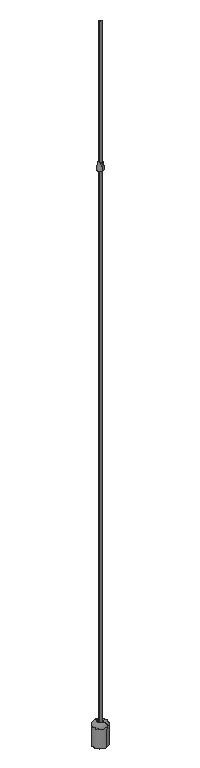
Revit family "Koura 2400", category Lighting Fixtures, host Ceiling, Revit 2017
Family settings
  Host = Ceiling
  Round Connector Dimension = Use Diameter
  Part Type = Normal
  OmniClass Number = 23.80.70.11
  OmniClass Title = Luminaries for Internal Lighting
  Always vertical = Yes
  Cut with Voids When Loaded = No
  Light Source = Yes
  Shared = No
  Room Calculation Point = No
Parameters (values of type "Generic")
  Wattage Comments = "Max. 60 Watts. 110V(US) / 230-240V(EU). Lamp NOT provided."
  Wattage = 6.7321 W
  built-in parameter 1150110 = 1 (stored number, unit not read)
  URL = "https://www.davidtrubridge.com"
  Type Comments = "Ceilig Rose required, contact supplier for options."
  built-in parameter 1114217 = 1 (stored number, unit not read)
  built-in parameter 1150109 = 1 (stored number, unit not read)
  built-in parameter 1150134 = (empty or 0)
  Suspension Top [instance] = Suspension Mid - 200 mm  # 1800 mm
  built-in parameter 1150113 = 1 (stored number, unit not read)
  Model = "Koura 2400"
  Manufacturer = "David Trubridge"
  Lumens = 1000 lm
  built-in parameter 1150115 = 1 (stored number, unit not read)
  built-in parameter 1150105 = 79.577 (stored number, unit not read)
  Suspension Mid [instance] = 2000 mm
  Light Source Symbol Size = 300 mm
  built-in parameter 1150137 = (empty or 0)
  built-in parameter 1150139 = (empty or 0)
  Lamp Wattage = 0 W
  built-in parameter 1150112 = 1 (stored number, unit not read)
  built-in parameter 1150114 = 1 (stored number, unit not read)
  Lamp = "E27 / (E26 USA)"
  built-in parameter 1150132 = 2
  built-in parameter 1150102 = (empty or 0)
  built-in parameter 1150138 = (empty or 0)
  built-in parameter 1150107 = 3000 (stored number, unit not read)
  built-in parameter 1150106 = 0.79577 (stored number, unit not read)
  built-in parameter 1150104 = 13.8 (stored number, unit not read)
  Dimming Lamp Color Temperature Shift = <None>
  Description = "Pendant in bamboo plywood. Can be made in a large range of colours. Lamp is not supplied"
  Cordset Finish = Plastic, Opaque White
  Color Filter = 16777215
  built-in parameter 1114218 = 1 (stored number, unit not read)
  built-in parameter 1150133 = 10 (stored number, unit not read)
  Apparent Load = 0 VA
Reference planes
  plane 1 "Light Source Axis (F/B)": y = 0
  plane 2: z = 0
  plane 3 "Light Source Axis (L/R)": x = 0
  plane 4 "Ceiling": z = 4000
  plane 5 "Light Source Elevation": z = 2000
  plane 6 "Top of pendant": z = 3600
  plane 7 "Light Socket": z = 2050
  plane 8 "Outer edge": x = -690
  plane 9 "Outer Edge": x = 690
  plane 10 "Bottom of Pendant": z = 1200
Forms (mm)
  Revolve 1, solid, material "Plastic, Opaque White" <- "Cordset Finish"
    sketch origin (0, 0, -205) x (1, 0, 0) y (0, 0, 1)
      loop
        line (0, 2317) -> (0, 2255) -> (20, 2255) -> (20, 2307)
        arc (20, 2307) -> (17.071, 2314.071) -> (10, 2317) r 10
        line (10, 2317) -> (0, 2317)
      axis (0, 2255) -> (0, 2317)
    angle from 0 to 360
  Extrusion 2, solid, material "Plastic, Opaque White" <- "Cordset Finish"
    sketch origin (0, 0, 3200) x (0, 1, 0) y (-1, 0, 0)
      loop
        circle (0, 0) r 3
    from 400 to 800
  Extrusion 3, solid, material "Plastic, Opaque White" <- "Cordset Finish"
    sketch origin (0, 0, 3200) x (0, 1, 0) y (-1, 0, 0)
      loop
        circle (0, 0) r 3
    from -1150 to 400
  Revolve 4, solid, material "Plastic, Opaque White" <- "Cordset Finish"
    sketch origin (0, 0, -40) x (1, 0, 0) y (0, 0, 1)
      loop
        line (0, 3660) -> (0, 3640) -> (7.5, 3640) -> (5, 3660) -> (0, 3660)
      axis (0, 3640) -> (0, 3660)
    angle from 0 to 360
Dimensions and locks
  equal spacing: host sketch curve, plane 3 "Light Source Axis (L/R)", host sketch curve
  equal spacing: host sketch curve, plane 1 "Light Source Axis (F/B)", host sketch curve
  host sketch curve to host sketch curve = 4000 mm  (x2)
  host ceiling to plane 4 "Ceiling" = 0 mm
  plane 4 "Ceiling" to level = 4000 mm
  "Suspension Mid": plane 5 "Light Source Elevation" to plane 4 "Ceiling"
  locked: plane 5 "Light Source Elevation" to plane 6 "Top of pendant" at 1600
  locked: plane 5 "Light Source Elevation" to plane 7 "Light Socket" at 50
  plane 9 "Outer Edge" to plane 8 "Outer edge" = 1380 mm
  plane 8 "Outer edge" to plane 9 "Outer Edge" = 1380 mm
  locked: plane 10 "Bottom of Pendant" to plane 6 "Top of pendant" at 2400
  aligned and locked: plane 3 "Light Source Axis (L/R)" to imposter light
  aligned and locked: plane 1 "Light Source Axis (F/B)" to imposter light
  aligned and locked: plane 5 "Light Source Elevation" to imposter light
  aligned and locked: plane 6 "Top of pendant" to Extrusion 2
  aligned and locked: Extrusion 3 to Revolve 1
  aligned and locked: plane 7 "Light Socket" to Extrusion 3
  aligned and locked: level to plane 2
  aligned and locked: Extrusion 3 to plane 6 "Top of pendant"
  aligned and locked: Extrusion 2 to plane 4 "Ceiling"
  aligned and locked: import instance to plane 6 "Top of pendant"
Automatic sketch dimensions
  Revolve 1 sketch curve to plane 3 "Light Source Axis (L/R)" = 0 mm
  plane 3 "Light Source Axis (L/R)" to Revolve 1 sketch curve = 0 mm
  plane 3 "Light Source Axis (L/R)" to Revolve 1 sketch curve = 10 mm
  Revolve 1 sketch curve to Revolve 1 sketch curve = 20 mm
  Revolve 1 sketch curve to plane 5 "Light Source Elevation" = 50 mm
  Revolve 1 sketch curve to Revolve 1 sketch curve = 52 mm
  Revolve 1 sketch curve to level = 563.228 mm
  Revolve 1 sketch curve to plane 4 "Ceiling" = 157.185 mm
  plane 1 "Light Source Axis (F/B)" to Extrusion 2 sketch curve = 0 mm
  Extrusion 2 sketch curve to plane 3 "Light Source Axis (L/R)" = 0 mm
  plane 1 "Light Source Axis (F/B)" to Extrusion 3 sketch curve = 0 mm
  Extrusion 3 sketch curve to plane 3 "Light Source Axis (L/R)" = 0 mm
  Revolve 4 sketch curve to plane 3 "Light Source Axis (L/R)" = 0 mm  (x2)
  Revolve 4 sketch curve to plane 6 "Top of pendant" = 0 mm
  plane 3 "Light Source Axis (L/R)" to Revolve 4 sketch curve = 5 mm
  plane 3 "Light Source Axis (L/R)" to Revolve 4 sketch curve = 7.5 mm
  Revolve 4 sketch curve to plane 6 "Top of pendant" = 20 mm
  Revolve 4 sketch curve to level = 344.8 mm
  plane 4 "Ceiling" to Revolve 4 sketch curve = 40 mm
  radius of Extrusion 2 sketch curve = 3 mm
  radius of Extrusion 3 sketch curve = 3 mm
Connectors
  electrical at (0, 0, 4000)
    settings: index 1, voltage 0 V, apparent load 0 VA, apparent load phase1 0 VA, apparent load phase2 0 VA, apparent load phase3 0 VA, power factor 1, load classification "Other", number of poles 1, system type 30, power factor state 0, is connector primary yes, connector utility no, sub classification motor no, connector description ""
